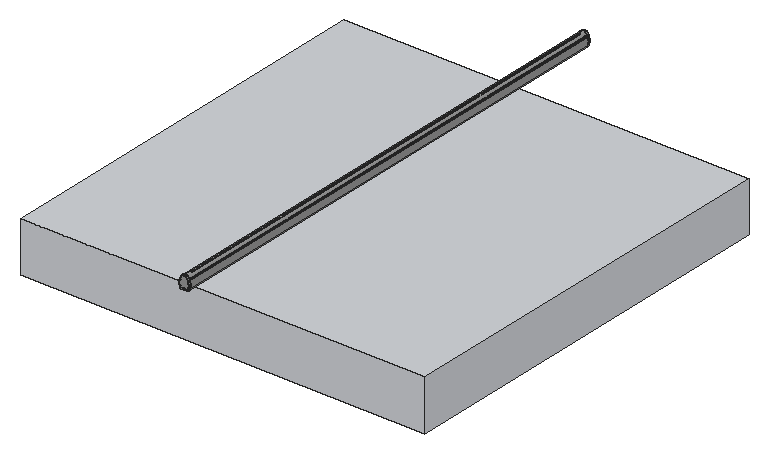
Revit family "L-trade II 130", category Осветительные приборы, Revit 2017
Family settings
  Основа = Грань
  Размер круглого соединителя = Использовать диаметр
  Тип детали = Нормальный
  При загрузке вырезать с полостями = Нет
  Источник света = Да
  Общий = Нет
  Точка расчета площади = Нет
Parameters (values of type "L-trade II 130 5.0K Д")
  Цветовая температура = 5000 K
  Световой поток светильника = Lumens  # 15210 lm
  Расстояние от светильника до поверхности = 250 mm
  Описание = "Универсальный светодиодный светильник нового поколения L-trade II 130  предназначен для освещения торговых залов, промышленных помещений, логистических центров, складов, магазинов, спортивных сооружений и т.д."
  Lamp = ""
  Кривая сил света = "Д"
  Комментарии к типоразмеру = "Торговые"
  Wattage Comments = ""
  Wattage = 102.395 W
  built-in parameter 1150110 = 1 (stored number, unit not read)
  built-in parameter 1114217 = 1 (stored number, unit not read)
  Tilt Angle = 90.00°
  built-in parameter 1150109 = 1 (stored number, unit not read)
  built-in parameter 1150134 = 2
  built-in parameter 1150113 = 1 (stored number, unit not read)
  Файл фотометрической сетки = "L-trade II 130-130-D-5.0-03.ies"
  built-in parameter 1150142 = "IESNA:LM-63-1995\r\n[TEST]LEDEL\r\n[DATA]17.01.2017\r\n[MANUFAC]LEDEL\r\n[LUMCAT]L-trade II 130/130/Д/5.0/03\r\n[LUMINAIRE]Для освещения торговых залов, промышленных помещений, складов, магазинов, спортивных сооружений и т.д.  \r\n[LAMPCAT]LED\r\n[LAMP]OSRAM DURIS \r\nTILT=NONE\r\n\r\n1 15210 3.31685 37 10 1 2 3.031 0.05 0.123\r\n\r\n1 1 130\r\n\r\n 0 2.5 5 7.5 10 12.5 15 17.5 20 22.5 25 27.5 30 32.5 35 37.5 40 42.5 45 47.5\r\n 50 52.5 55 57.5 60 62.5 65 67.5 70 72.5 75 77.5 80 82.5 85 87.5 90\r\n\r\n  0 10 20 30 40 50 60 70 80 90\r\n\r\n  1448 1456 1465 1459 1434 1417 1396 1387 1383 1354 1329 1311 1281 1249 1214\r\n  1167 1135 1093 1050 1004 955 898 842 790 745 685 614 558 497 436\r\n  375 307 242 181 126 65 39\r\n  1449 1455 1464 1457 1433 1415 1396 1387 1385 1360 1334 1315 1285 1254 1221\r\n  1181 1144 1102 1059 1013 961 911 849 798 755 700 626 560 497 434\r\n  371 301 237 176 120 59 39\r\n  1446 1455 1463 1457 1437 1419 1402 1386 1386 1367 1337 1318 1288 1254 1226\r\n  1187 1141 1110 1065 1016 966 920 861 805 762 711 645 578 519 459\r\n  393 327 261 195 142 79 45\r\n  1446 1455 1462 1461 1443 1422 1409 1388 1379 1372 1344 1313 1292 1266 1230\r\n  1195 1156 1111 1073 1024 976 923 870 806 750 704 651 582 514 456\r\n  393 334 265 199 145 84 50\r\n  1446 1454 1462 1461 1447 1427 1411 1395 1371 1361 1347 1320 1287 1263 1235\r\n  1191 1154 1118 1068 1019 972 924 870 813 751 689 638 589 519 450\r\n  390 327 267 206 148 94 52\r\n  1445 1454 1461 1460 1449 1433 1414 1395 1375 1348 1333 1326 1298 1255 1221\r\n  1194 1158 1114 1070 1022 964 917 852 793 731 674 605 546 502 439\r\n  370 313 256 200 141 95 53\r\n  1446 1453 1461 1458 1452 1441 1428 1407 1380 1362 1338 1304 1278 1262 1243\r\n  1196 1146 1105 1065 1015 958 911 855 780 736 671 611 544 480 418\r\n  368 309 249 198 147 99 58\r\n  1447 1454 1458 1455 1449 1445 1432 1419 1396 1372 1343 1310 1281 1254 1215\r\n  1173 1137 1097 1055 1004 943 890 840 772 714 658 590 515 449 386\r\n  323 262 219 167 127 88 52\r\n  1455 1455 1454 1446 1437 1427 1415 1396 1377 1353 1321 1293 1259 1220 1176\r\n  1121 1063 1016 970 915 860 796 738 689 627 546 468 418 339 272\r\n  206 154 106 74 48 28 20\r\n  1453 1452 1452 1449 1443 1436 1425 1412 1396 1376 1352 1327 1293 1265 1234\r\n  1195 1141 1095 1049 999 950 899 826 780 705 632 578 501 435 364\r\n  295 228 169 115 72 40 22\r\n  1455 1452 1447 1432 1418 1398 1384 1368 1355 1329 1289 1253 1215 1176 1132\r\n  1090 1041 993 928 867 814 739 647 556 500 486 437 344 282 217\r\n  153 111 78 55 36 25 22\r\n  1447 1443 1438 1431 1425 1412 1396 1374 1351 1315 1276 1227 1185 1154 1116\r\n  1042 965 916 913 907 845 755 688 630 568 486 419 357 300 242\r\n  190 149 110 70 47 31 29\r\n  1446 1443 1446 1445 1431 1408 1385 1359 1327 1300 1252 1177 1120 1110 1115\r\n  1086 1020 955 910 863 805 738 673 620 554 494 430 368 312 260\r\n  211 161 106 73 47 35 32\r\n  1445 1445 1452 1447 1429 1404 1377 1356 1324 1263 1220 1224 1225 1170 1099\r\n  1054 1021 977 918 854 808 748 695 645 587 527 466 415 356 298\r\n  240 170 126 87 50 37 35\r\n  1446 1448 1455 1447 1428 1403 1377 1340 1278 1267 1296 1269 1209 1168 1128\r\n  1076 1019 958 916 864 809 763 711 653 592 538 481 425 366 301\r\n  228 173 131 83 47 37 35\r\n  1446 1454 1457 1445 1426 1403 1369 1311 1301 1328 1299 1241 1210 1178 1135\r\n  1078 1029 986 933 882 832 775 718 656 604 547 490 430 366 290\r\n  224 175 124 75 44 37 34\r\n  1446 1454 1457 1445 1424 1402 1357 1314 1337 1339 1284 1243 1216 1179 1127\r\n  1076 1035 984 936 896 845 788 726 676 617 559 497 433 362 285\r\n  225 176 120 72 41 37 34\r\n  1449 1459 1456 1440 1421 1391 1343 1326 1355 1329 1277 1253 1225 1186 1130\r\n  1092 1049 999 955 910 858 797 740 689 627 568 508 443 369 293\r\n  235 184 123 72 41 36 34\r\n  1448 1457 1457 1440 1418 1389 1343 1334 1359 1321 1278 1253 1219 1176 1123\r\n  1087 1041 994 951 905 852 790 736 679 621 561 498 432 356 283\r\n  225 172 113 67 40 35 34\r\n\r\n"
  built-in parameter 1150105 = 1210.4 (stored number, unit not read)
  Lumens = 15210 lm
  built-in parameter 1150115 = 1 (stored number, unit not read)
  built-in parameter 1150137 = (empty or 0)
  built-in parameter 1150139 = (empty or 0)
  built-in parameter 1150112 = 1 (stored number, unit not read)
  built-in parameter 1150114 = 1 (stored number, unit not read)
  built-in parameter 1150132 = 2
  Классификация нагрузок = Освещение
  built-in parameter 1150102 = (empty or 0)
  built-in parameter 1150107 = 5000 (stored number, unit not read)
  built-in parameter 1150138 = (empty or 0)
  built-in parameter 1150106 = 12.104 (stored number, unit not read)
  Emit from Rectangle Width = 48 mm
  Emit from Rectangle Length = 3000 mm
  Manufacturer = ""
  Длина профиля = Emit from Rectangle Length  # 3000 mm
  Emit Shape Visible in Rendering = no
  built-in parameter 1150104 = 13.8 (stored number, unit not read)
  Dimming Lamp Color Temperature Shift = (empty or 0)
  Default Elevation = 1219.2 mm
  Color Filter = 16777215
  built-in parameter 1114218 = 1 (stored number, unit not read)
  built-in parameter 1150133 = 10 (stored number, unit not read)
  Apparent Load = 130 VA  # constant formula
  Артикул = "210045"
Reference planes
  plane 1 "Center (Front/Back)": y = 0
  plane 2: z = 0
  plane 3 "Center (Left/Right)": x = 0
Forms (mm)
  Extrusion 1, solid
    sketch origin (0, 0, 0) x (1, 0, 0) y (0, 1, 0)
      loop
        line (-1219.2, 1219.2) -> (-1219.2, -1219.2) -> (1219.2, -1219.2) -> (1219.2, 1219.2) -> (-1219.2, 1219.2)
    from 0 to -304.8
Dimensions and locks
  "Расстояние от светильника до поверхности": imposter light to Extrusion 1
  aligned and locked: plane 2 to Extrusion 1
  aligned and locked: level to Extrusion 1
Automatic sketch dimensions
  Extrusion 1 sketch curve to Extrusion 1 sketch curve = 2438.4 mm  (x2)
Nested families
  nested 1: "L-trade II_body" at (0, 0, 0), type "L-trade II_body"
    with Начало выдавливания 1500 mm, Конец выдавливания -1500 mm, Длина профиля 3000 mm
Connectors
  electrical at (0, 0, 0), driven by "Apparent Load", driven by "Классификация нагрузок"
    settings: on Extrusion 1, index 1, voltage 230 V, apparent load 0 VA, apparent load phase1 130 VA, apparent load phase2 0 VA, apparent load phase3 0 VA, power factor 1, load classification "Освещение", number of poles 1, system type 31, power factor state 1, is connector primary yes, connector utility no, sub classification motor no, connector description ""
Definition of nested family "L-trade II_body"
  Parameters (values of type "L-trade II_body")
    Тип торцевой крышки = Trade II торцевая крышка : Trade II торцевая крышка
    Расстояние от светильника до плоскости = Расстояние от низа светильника до плоскости + 80 mm  # 250 mm
    Расстояние от низа светильника до плоскости = 170 mm
    Default Elevation = 1219.2 mm
    Начало выдавливания = 250 mm
    Конец выдавливания = Начало выдавливания * (-1)  # -250 mm
    Длина профиля = Начало выдавливания * 2  # 500 mm
  Reference planes
    plane 1 "По центру (Вперед/Назад)": y = 0
    plane 2: z = 0
    plane 3 "По центру (Влево/Вправо)": x = 0
    plane 4 "Плоскость расположения светильника": z = 170
  Forms (mm)
    Extrusion 1, solid
      sketch origin (0, 0, 0) x (1, 0, 0) y (0, 1, 0)
        loop
          line (-1219.2, 1219.2) -> (-1219.2, -1219.2) -> (1219.2, -1219.2) -> (1219.2, 1219.2) -> (-1219.2, 1219.2)
      from 0 to -304.8
    Extrusion 2, solid
      sketch origin (0, 0, 170) x (0, -1, 0) y (1, 0, 0)
        loop
          line (-250, 2.572) -> (250, 2.572) -> (250, 4.625) -> (-250, 4.625) -> (-250, 2.572)
        loop
          line (-250, -2.572) -> (-250, -4.625) -> (250, -4.625) -> (250, -2.572) -> (-250, -2.572)
      from 0 to 1
    Extrusion 3, solid
      sketch origin (0, 0, 0) x (1, 0, 0) y (0, 0, 1)
        loop
          line (2.572, 170) -> (21.583, 170)
          arc (21.583, 170) -> (23.284, 170.705) -> (23.988, 172.406) r 2.406
          line (23.988, 172.406) -> (23.988, 219.1) -> (23.054, 219.44)
          arc (23.054, 219.44) -> (20.433, 219.877) -> (22.85, 220.98) r 1.389
          line (22.85, 220.98) -> (23.732, 222.227)
          arc (23.732, 222.227) -> (24.096, 223.532) -> (23.546, 224.771) r 2.006
          arc (23.546, 224.771) -> (23.261, 225.083) -> (23.188, 225.5) r 0.757
          line (23.188, 225.5) -> (22.224, 225.5) -> (22.224, 224.659) -> (22.797, 224.087)
          arc (22.797, 224.087) -> (22.797, 222.684) -> (21.394, 222.684) r 0.992
          arc (21.394, 222.684) -> (21.071, 222.931) -> (20.696, 223.087) r 1.556
          line (20.696, 223.087) -> (18.325, 223.087)
          arc (18.325, 223.087) -> (16.847, 224.004) -> (18.515, 224.5) r 0.954
          line (18.515, 224.5) -> (19.803, 224.5) -> (19.803, 225.5) -> (19.002, 225.5)
          arc (19.002, 225.5) -> (17.792, 225.901) -> (16.582, 225.5) r 2.024
          line (16.582, 225.5) -> (4.453, 225.5) -> (4.453, 224.5) -> (5.483, 224.5) -> (5.483, 223.3) -> (-5.506, 223.3) -> (-5.506, 224.5) -> (-4.477, 224.5) -> (-4.477, 225.5) -> (-16.606, 225.5)
          arc (-16.606, 225.5) -> (-17.815, 225.901) -> (-19.025, 225.5) r 2.024
          line (-19.025, 225.5) -> (-19.826, 225.5) -> (-19.826, 224.5) -> (-18.538, 224.5)
          arc (-18.538, 224.5) -> (-16.87, 224.004) -> (-18.349, 223.087) r 0.954
          line (-18.349, 223.087) -> (-20.719, 223.087)
          arc (-20.719, 223.087) -> (-21.095, 222.931) -> (-21.417, 222.684) r 1.556
          arc (-21.417, 222.684) -> (-22.82, 222.684) -> (-22.82, 224.087) r 0.992
          line (-22.82, 224.087) -> (-22.247, 224.659) -> (-22.247, 225.5) -> (-23.212, 225.5)
          arc (-23.212, 225.5) -> (-23.284, 225.083) -> (-23.569, 224.771) r 0.757
          arc (-23.569, 224.771) -> (-24.119, 223.532) -> (-23.756, 222.227) r 2.006
          line (-23.756, 222.227) -> (-22.873, 220.98)
          arc (-22.873, 220.98) -> (-20.456, 219.877) -> (-23.077, 219.44) r 1.389
          line (-23.077, 219.44) -> (-24.012, 219.1) -> (-24.012, 172.406)
          arc (-24.012, 172.406) -> (-23.307, 170.705) -> (-21.606, 170) r 2.406
          line (-21.606, 170) -> (-2.595, 170) -> (-2.595, 171) -> (-4.649, 171) -> (-4.649, 175.456) -> (4.625, 175.456) -> (4.625, 171) -> (2.572, 171) -> (2.572, 170)
        loop
          line (5.619, 171) -> (21.584, 171)
          arc (21.584, 171) -> (22.577, 171.411) -> (22.988, 172.405) r 1.405
          line (22.988, 172.405) -> (22.988, 217.897)
          arc (22.988, 217.897) -> (19.715, 218.767) -> (20.407, 222.082) r 2.462
          line (20.407, 222.082) -> (18.726, 222.082)
          arc (18.726, 222.082) -> (16.485, 222.332) -> (15.866, 224.5) r 2.024
          line (15.866, 224.5) -> (6.476, 224.5) -> (6.476, 222.279) -> (-6.499, 222.279) -> (-6.499, 224.5) -> (-15.89, 224.5)
          arc (-15.89, 224.5) -> (-16.509, 222.332) -> (-18.749, 222.082) r 2.024
          line (-18.749, 222.082) -> (-20.43, 222.082)
          arc (-20.43, 222.082) -> (-19.738, 218.767) -> (-23.012, 217.897) r 2.462
          line (-23.012, 217.897) -> (-23.012, 172.405)
          arc (-23.012, 172.405) -> (-22.6, 171.411) -> (-21.607, 171) r 1.405
          line (-21.607, 171) -> (-5.642, 171) -> (-5.642, 176.427) -> (5.619, 176.427) -> (5.619, 171)
      from 250 <- "Начало выдавливания" to -250 <- "Конец выдавливания"
    Extrusion 4, solid
      sketch origin (0, 0, 0) x (1, 0, 0) y (0, 0, 1)
        loop
          arc (-0.012, 246.283) -> (14.71, 240.185) -> (20.808, 225.463) r 20.82
          line (20.808, 225.463) -> (20.808, 224.359) -> (18.369, 224.359) -> (18.369, 223.222) -> (22.088, 223.222) -> (22.088, 225.463)
          arc (22.088, 225.463) -> (15.615, 241.09) -> (-0.012, 247.563) r 22.1
          arc (-0.012, 247.563) -> (-15.639, 241.09) -> (-22.112, 225.463) r 22.1
          line (-22.112, 225.463) -> (-22.112, 223.222) -> (-18.393, 223.222) -> (-18.393, 224.359) -> (-20.832, 224.359) -> (-20.832, 225.463)
          arc (-20.832, 225.463) -> (-14.734, 240.185) -> (-0.012, 246.283) r 20.82
      from 250 <- "Начало выдавливания" to -250 <- "Конец выдавливания"
  Dimensions and locks
    "Расстояние от низа светильника до плоскости": plane 4 "Плоскость расположения светильника" to Extrusion 1
    aligned and locked: plane 2 to Extrusion 1
    aligned and locked: level to Extrusion 1
  Automatic sketch dimensions
    Extrusion 1 sketch curve to Extrusion 1 sketch curve = 2438.4 mm  (x2)
    Extrusion 2 sketch curve to plane 3 "По центру (Влево/Вправо)" = 2.572 mm
    Extrusion 2 sketch curve to plane 1 "По центру (Вперед/Назад)" = 250 mm
    plane 1 "По центру (Вперед/Назад)" to Extrusion 2 sketch curve = 250 mm
    plane 3 "По центру (Влево/Вправо)" to Extrusion 2 sketch curve = 2.572 mm
    Extrusion 2 sketch curve to Extrusion 2 sketch curve = 0 mm  (x2)
    Extrusion 2 sketch curve to Extrusion 2 sketch curve = 2.053 mm  (x2)
    Extrusion 3 sketch curve to Extrusion 3 sketch curve = 0 mm  (x22)
    Extrusion 3 sketch curve to plane 4 "Плоскость расположения светильника" = 0 mm  (x2)
    Extrusion 3 sketch curve to plane 3 "По центру (Влево/Вправо)" = 24.012 mm
    Extrusion 3 sketch curve to Extrusion 3 sketch curve = 0.047 mm
    Extrusion 3 sketch curve to Extrusion 3 sketch curve = 0.256 mm
    Extrusion 3 sketch curve to Extrusion 3 sketch curve = 0.753 mm  (x2)
    Extrusion 3 sketch curve to Extrusion 3 sketch curve = 0.935 mm  (x2)
    Extrusion 3 sketch curve to Extrusion 3 sketch curve = 1 mm  (x4)
    Extrusion 3 sketch curve to Extrusion 3 sketch curve = 0.882 mm  (x2)
    Extrusion 3 sketch curve to Extrusion 3 sketch curve = 0.392 mm
    Extrusion 3 sketch curve to Extrusion 3 sketch curve = 0.964 mm  (x2)
    Extrusion 3 sketch curve to Extrusion 3 sketch curve = 0.702 mm  (x2)
    Extrusion 3 sketch curve to Extrusion 3 sketch curve = 1.04 mm  (x2)
    Extrusion 3 sketch curve to Extrusion 3 sketch curve = 1.405 mm
    Extrusion 3 sketch curve to Extrusion 3 sketch curve = 0.001 mm  (x2)
    Extrusion 3 sketch curve to Extrusion 3 sketch curve = 1.399 mm  (x2)
    Extrusion 3 sketch curve to Extrusion 3 sketch curve = 0.289 mm  (x2)
    Extrusion 3 sketch curve to Extrusion 3 sketch curve = 0.114 mm  (x2)
    Extrusion 3 sketch curve to Extrusion 3 sketch curve = 2.421 mm
    Extrusion 3 sketch curve to Extrusion 3 sketch curve = 0.801 mm  (x2)
    Extrusion 3 sketch curve to Extrusion 3 sketch curve = 1.567 mm  (x2)
    Extrusion 3 sketch curve to Extrusion 3 sketch curve = 0.487 mm  (x2)
    Extrusion 3 sketch curve to Extrusion 3 sketch curve = 0.401 mm  (x2)
    Extrusion 3 sketch curve to Extrusion 3 sketch curve = 0.533 mm  (x2)
    Extrusion 3 sketch curve to Extrusion 3 sketch curve = 1.21 mm  (x2)
    Extrusion 3 sketch curve to Extrusion 3 sketch curve = 0.716 mm  (x2)
    Extrusion 3 sketch curve to plane 3 "По центру (Влево/Вправо)" = 6.499 mm
    plane 4 "Плоскость расположения светильника" to Extrusion 3 sketch curve = 1 mm  (x4)
    Extrusion 3 sketch curve to plane 3 "По центру (Влево/Вправо)" = 5.642 mm
    Extrusion 3 sketch curve to Extrusion 3 sketch curve = 0.993 mm  (x4)
    Extrusion 3 sketch curve to Extrusion 3 sketch curve = 1.03 mm  (x2)
    Extrusion 3 sketch curve to Extrusion 3 sketch curve = 2.053 mm  (x2)
    plane 3 "По центру (Влево/Вправо)" to Extrusion 3 sketch curve = 2.572 mm
    plane 3 "По центру (Влево/Вправо)" to Extrusion 3 sketch curve = 4.453 mm
    Extrusion 3 sketch curve to Extrusion 3 sketch curve = 9.39 mm
    Extrusion 3 sketch curve to Extrusion 3 sketch curve = 0.723 mm
    plane 4 "Плоскость расположения светильника" to Extrusion 3 sketch curve = 2.406 mm
    Extrusion 3 sketch curve to Extrusion 3 sketch curve = 15.964 mm
    Extrusion 3 sketch curve to Extrusion 3 sketch curve = 1.517 mm
    Extrusion 3 sketch curve to Extrusion 3 sketch curve = 0.129 mm
    Extrusion 3 sketch curve to Extrusion 3 sketch curve = 0.573 mm  (x3)
    Extrusion 3 sketch curve to Extrusion 3 sketch curve = 4.456 mm
    Extrusion 3 sketch curve to Extrusion 3 sketch curve = 0.971 mm
    Extrusion 3 sketch curve to Extrusion 3 sketch curve = 41.47 mm  (x2)
    Extrusion 3 sketch curve to Extrusion 3 sketch curve = 1.203 mm  (x2)
    Extrusion 3 sketch curve to Extrusion 3 sketch curve = 0.34 mm  (x2)
    Extrusion 3 sketch curve to Extrusion 3 sketch curve = 0.619 mm  (x2)
    Extrusion 3 sketch curve to Extrusion 3 sketch curve = 0.498 mm  (x2)
    Extrusion 3 sketch curve to Extrusion 3 sketch curve = 1.247 mm  (x2)
    Extrusion 3 sketch curve to Extrusion 3 sketch curve = 0.198 mm
    Extrusion 3 sketch curve to Extrusion 3 sketch curve = 1.005 mm  (x2)
    Extrusion 3 sketch curve to Extrusion 3 sketch curve = 1.021 mm
    Extrusion 3 sketch curve to Extrusion 3 sketch curve = 0.299 mm  (x2)
    Extrusion 3 sketch curve to Extrusion 3 sketch curve = 0.791 mm  (x2)
    Extrusion 3 sketch curve to Extrusion 3 sketch curve = 1.33 mm  (x2)
    Extrusion 3 sketch curve to Extrusion 3 sketch curve = 0.841 mm  (x2)
    Extrusion 3 sketch curve to Extrusion 3 sketch curve = 0.698 mm
    Extrusion 4 sketch curve to Extrusion 4 sketch curve = 0 mm  (x13)
    Extrusion 4 sketch curve to plane 3 "По центру (Влево/Вправо)" = 22.112 mm
    Extrusion 4 sketch curve to Extrusion 4 sketch curve = 1.28 mm
    Extrusion 4 sketch curve to Extrusion 4 sketch curve = 2.439 mm  (x2)
    Extrusion 4 sketch curve to plane 3 "По центру (Влево/Вправо)" = 0.012 mm
    plane 4 "Плоскость расположения светильника" to Extrusion 4 sketch curve = 53.222 mm
    Extrusion 4 sketch curve to Extrusion 4 sketch curve = 1.137 mm  (x2)
    Extrusion 4 sketch curve to Extrusion 4 sketch curve = 1.104 mm
  Nested families
    nested 1: "Trade II торцевая крышка" at (0.005, 0, 0), type <- "Тип торцевой крышки", type "Trade II торцевая крышка"
      with Расстояние от светильника до плоскости 250 mm, Расстояние до плоскости 178 mm, Начало профиля 250 mm, Начало выделения 250 mm, Конец профиля 250 mm, Конец выделения 250 mm, Длина профиля 500 mm
    nested 2: "Trade II торцевая крышка" at (0, 0, 0), type <- "Тип торцевой крышки", type "Trade II торцевая крышка"
      with Расстояние от светильника до плоскости 250 mm, Расстояние до плоскости 178 mm, Начало профиля 250 mm, Начало выделения 250 mm, Конец профиля 250 mm, Конец выделения 250 mm, Длина профиля 500 mm
  Definition of nested family "Trade II торцевая крышка"
    Parameters (values of type "Trade II торцевая крышка")
      Расстояние от светильника до плоскости = Расстояние до плоскости + 72 mm  # 322 mm
      Расстояние до плоскости = 250 mm
      Default Elevation = 1219.2 mm
      Начало профиля = 500 mm
      Начало выделения = Начало профиля  # 500 mm
      Конец профиля = Начало профиля  # 500 mm
      Конец выделения = Конец профиля  # 500 mm
      Длина профиля = Начало профиля * 2  # 1000 mm
    Reference planes
      plane 1 "По центру (Вперед/Назад)": y = 0
      plane 2: z = 0
      plane 3 "По центру (Влево/Вправо)": x = 0
      plane 4 "Плоскость низа светильника": z = 250
      plane 5 "Начало выд": y = -500
      plane 6 "Конец выд": y = 500
    Forms (mm)
      Extrusion 1, solid
        sketch origin (0, 0, 0) x (1, 0, 0) y (0, 1, 0)
          loop
            line (-1219.2, 1219.2) -> (-1219.2, -1219.2) -> (1219.2, -1219.2) -> (1219.2, 1219.2) -> (-1219.2, 1219.2)
        from 0 to -304.8
      Extrusion 2, solid
        sketch origin (0, 500, 0) x (0, 0, -1) y (1, 0, 0)
          loop
            arc (-298.752, 21.086) -> (-313.465, 14.795) -> (-319.533, -0.012) r 21.1
            arc (-319.533, -0.012) -> (-313.465, -14.818) -> (-298.752, -21.109) r 21.1
            arc (-298.752, -21.109) -> (-295.801, -23.179) -> (-292.204, -23.41) r 6.666
            arc (-292.204, -23.41) -> (-287.349, -22.848) -> (-283.631, -26.02) r 6.12
            line (-283.631, -26.02) -> (-282.1, -29.159)
            arc (-282.1, -29.159) -> (-281.536, -29.747) -> (-280.75, -29.964) r 1.536
            line (-280.75, -29.964) -> (-272.479, -29.964) -> (-264.208, -29.964)
            arc (-264.208, -29.964) -> (-263.423, -29.748) -> (-262.859, -29.161) r 1.536
            line (-262.859, -29.161) -> (-261.333, -26.017)
            arc (-261.333, -26.017) -> (-257.413, -22.783) -> (-252.402, -23.624) r 6.12
            arc (-252.402, -23.624) -> (-249.184, -24.431) -> (-246.185, -23.012) r 4.919
            arc (-246.185, -23.012) -> (-245.496, -23.055) -> (-244.832, -22.871) r 2.071
            arc (-244.832, -22.871) -> (-244.246, -22.355) -> (-244.028, -21.606) r 1.397
            line (-244.028, -21.606) -> (-244.028, -5.649) -> (-250, -5.649) -> (-250, -0.012) -> (-250, 5.625) -> (-244.028, 5.625) -> (-244.028, 21.583)
            arc (-244.028, 21.583) -> (-244.246, 22.332) -> (-244.832, 22.848) r 1.397
            arc (-244.832, 22.848) -> (-245.496, 23.032) -> (-246.185, 22.988) r 2.071
            arc (-246.185, 22.988) -> (-249.184, 24.408) -> (-252.402, 23.601) r 4.919
            arc (-252.402, 23.601) -> (-257.413, 22.759) -> (-261.333, 25.993) r 6.12
            line (-261.333, 25.993) -> (-262.859, 29.137)
            arc (-262.859, 29.137) -> (-263.423, 29.725) -> (-264.208, 29.94) r 1.536
            line (-264.208, 29.94) -> (-272.479, 29.94) -> (-280.75, 29.94)
            arc (-280.75, 29.94) -> (-281.536, 29.724) -> (-282.1, 29.136) r 1.536
            line (-282.1, 29.136) -> (-283.631, 25.997)
            arc (-283.631, 25.997) -> (-287.349, 22.825) -> (-292.204, 23.386) r 6.12
            arc (-292.204, 23.386) -> (-295.801, 23.156) -> (-298.752, 21.086) r 6.666
        from 0 to -1
      Extrusion 3, solid
        sketch origin (0, -500, 0) x (0, 0, -1) y (1, 0, 0)
          loop
            line (-244.028, 5.632) -> (-244.028, 21.59)
            arc (-244.028, 21.59) -> (-244.246, 22.339) -> (-244.832, 22.854) r 1.397
            arc (-244.832, 22.854) -> (-245.496, 23.039) -> (-246.185, 22.995) r 2.071
            arc (-246.185, 22.995) -> (-249.184, 24.415) -> (-252.402, 23.607) r 4.919
            arc (-252.402, 23.607) -> (-257.413, 22.766) -> (-261.333, 26) r 6.12
            line (-261.333, 26) -> (-262.859, 29.144)
            arc (-262.859, 29.144) -> (-263.423, 29.731) -> (-264.208, 29.947) r 1.536
            line (-264.208, 29.947) -> (-272.479, 29.947) -> (-280.75, 29.947)
            arc (-280.75, 29.947) -> (-281.536, 29.731) -> (-282.1, 29.143) r 1.536
            line (-282.1, 29.143) -> (-283.631, 26.003)
            arc (-283.631, 26.003) -> (-287.349, 22.832) -> (-292.204, 23.393) r 6.12
            arc (-292.204, 23.393) -> (-295.801, 23.163) -> (-298.752, 21.093) r 6.666
            arc (-298.752, 21.093) -> (-313.465, 14.802) -> (-319.533, -0.005) r 21.1
            arc (-319.533, -0.005) -> (-313.465, -14.811) -> (-298.752, -21.102) r 21.1
            arc (-298.752, -21.102) -> (-295.801, -23.172) -> (-292.204, -23.403) r 6.666
            arc (-292.204, -23.403) -> (-287.349, -22.841) -> (-283.631, -26.013) r 6.12
            line (-283.631, -26.013) -> (-282.1, -29.153)
            arc (-282.1, -29.153) -> (-281.536, -29.741) -> (-280.75, -29.957) r 1.536
            line (-280.75, -29.957) -> (-272.479, -29.957) -> (-264.208, -29.957)
            arc (-264.208, -29.957) -> (-263.423, -29.741) -> (-262.859, -29.154) r 1.536
            line (-262.859, -29.154) -> (-261.333, -26.01)
            arc (-261.333, -26.01) -> (-257.413, -22.776) -> (-252.402, -23.617) r 6.12
            arc (-252.402, -23.617) -> (-249.184, -24.424) -> (-246.185, -23.005) r 4.919
            arc (-246.185, -23.005) -> (-245.496, -23.049) -> (-244.832, -22.864) r 2.071
            arc (-244.832, -22.864) -> (-244.246, -22.348) -> (-244.028, -21.599) r 1.397
            line (-244.028, -21.599) -> (-244.028, -5.642) -> (-248, -5.642) -> (-250, -5.649) -> (-250, 5.625) -> (-248, 5.625) -> (-244.028, 5.632)
        from 0 to 1
      Extrusion 4, solid
        sketch origin (0, -500, 0) x (0, 0, -1) y (1, 0, 0)
          loop
            arc (-319.533, -0.005) -> (-313.465, -14.811) -> (-298.752, -21.102) r 21.1
            arc (-298.752, -21.102) -> (-295.801, -23.172) -> (-292.204, -23.403) r 6.666
            arc (-292.204, -23.403) -> (-287.349, -22.841) -> (-283.631, -26.013) r 6.12
            line (-283.631, -26.013) -> (-282.1, -29.153)
            arc (-282.1, -29.153) -> (-281.536, -29.741) -> (-280.75, -29.957) r 1.536
            line (-280.75, -29.957) -> (-272.479, -29.957) -> (-264.208, -29.957)
            arc (-264.208, -29.957) -> (-263.423, -29.741) -> (-262.859, -29.154) r 1.536
            line (-262.859, -29.154) -> (-261.333, -26.01)
            arc (-261.333, -26.01) -> (-257.413, -22.776) -> (-252.402, -23.617) r 6.12
            arc (-252.402, -23.617) -> (-249.184, -24.424) -> (-246.185, -23.005) r 4.919
            arc (-246.185, -23.005) -> (-245.496, -23.049) -> (-244.832, -22.864) r 2.071
            arc (-244.832, -22.864) -> (-244.246, -22.348) -> (-244.028, -21.599) r 1.397
            line (-244.028, -21.599) -> (-244.028, -5.642) -> (-248, -5.642) -> (-250, -5.649) -> (-250, -0.012) -> (-250, 5.639) -> (-248, 5.639) -> (-244.028, 5.632) -> (-244.028, 21.59)
            arc (-244.028, 21.59) -> (-244.246, 22.339) -> (-244.832, 22.854) r 1.397
            arc (-244.832, 22.854) -> (-245.496, 23.039) -> (-246.185, 22.995) r 2.071
            arc (-246.185, 22.995) -> (-249.184, 24.415) -> (-252.402, 23.607) r 4.919
            arc (-252.402, 23.607) -> (-257.413, 22.766) -> (-261.333, 26) r 6.12
            line (-261.333, 26) -> (-262.859, 29.144)
            arc (-262.859, 29.144) -> (-263.423, 29.731) -> (-264.208, 29.947) r 1.536
            line (-264.208, 29.947) -> (-272.479, 29.947) -> (-280.75, 29.947)
            arc (-280.75, 29.947) -> (-281.536, 29.731) -> (-282.1, 29.143) r 1.536
            line (-282.1, 29.143) -> (-283.631, 26.003)
            arc (-283.631, 26.003) -> (-287.349, 22.832) -> (-292.204, 23.393) r 6.12
            arc (-292.204, 23.393) -> (-295.801, 23.163) -> (-298.752, 21.093) r 6.666
            arc (-298.752, 21.093) -> (-313.465, 14.802) -> (-319.533, -0.005) r 21.1
          loop
            arc (-321.533, -0.005) -> (-315.194, -15.9) -> (-299.657, -23.072) r 23.1
            arc (-299.657, -23.072) -> (-295.831, -25.254) -> (-291.427, -25.274) r 8.666
            arc (-291.427, -25.274) -> (-288.06, -24.718) -> (-285.429, -26.89) r 4.12
            line (-285.429, -26.89) -> (-283.883, -30.06)
            arc (-283.883, -30.06) -> (-282.581, -31.446) -> (-280.75, -31.957) r 3.536
            line (-280.75, -31.957) -> (-272.479, -31.957) -> (-264.208, -31.957)
            arc (-264.208, -31.957) -> (-262.377, -31.446) -> (-261.075, -30.06) r 3.536
            line (-261.075, -30.06) -> (-259.534, -26.884)
            arc (-259.534, -26.884) -> (-256.893, -24.707) -> (-253.519, -25.276) r 4.12
            arc (-253.519, -25.276) -> (-249.474, -26.446) -> (-245.501, -25.054) r 6.919
            arc (-245.501, -25.054) -> (-244.724, -24.938) -> (-243.983, -24.675) r 4.071
            arc (-243.983, -24.675) -> (-242.558, -23.421) -> (-242.028, -21.599) r 3.397
            line (-242.028, -21.599) -> (-242.028, -3.642) -> (-248, -3.642) -> (-248, -0.012) -> (-248, 3.632) -> (-242.028, 3.632) -> (-242.028, 21.59)
            arc (-242.028, 21.59) -> (-242.558, 23.412) -> (-243.983, 24.665) r 3.397
            arc (-243.983, 24.665) -> (-244.724, 24.929) -> (-245.501, 25.045) r 4.071
            arc (-245.501, 25.045) -> (-249.474, 26.436) -> (-253.519, 25.267) r 6.919
            arc (-253.519, 25.267) -> (-256.893, 24.698) -> (-259.534, 26.875) r 4.12
            line (-259.534, 26.875) -> (-261.075, 30.05)
            arc (-261.075, 30.05) -> (-262.377, 31.436) -> (-264.208, 31.947) r 3.536
            line (-264.208, 31.947) -> (-272.479, 31.947) -> (-280.75, 31.947)
            arc (-280.75, 31.947) -> (-282.581, 31.436) -> (-283.883, 30.05) r 3.536
            line (-283.883, 30.05) -> (-285.429, 26.88)
            arc (-285.429, 26.88) -> (-288.06, 24.708) -> (-291.427, 25.265) r 4.12
            arc (-291.427, 25.265) -> (-295.831, 25.245) -> (-299.657, 23.063) r 8.666
            arc (-299.657, 23.063) -> (-315.194, 15.891) -> (-321.533, -0.005) r 23.1
        from 0 to 9
      Extrusion 5, solid
        sketch origin (0, 500, 0) x (0, 0, -1) y (1, 0, 0)
          loop
            arc (-319.526, -0.004) -> (-313.459, -14.811) -> (-298.746, -21.101) r 21.1
            arc (-298.746, -21.101) -> (-295.795, -23.171) -> (-292.197, -23.402) r 6.666
            arc (-292.197, -23.402) -> (-287.343, -22.84) -> (-283.625, -26.012) r 6.12
            line (-283.625, -26.012) -> (-282.093, -29.152)
            arc (-282.093, -29.152) -> (-281.529, -29.74) -> (-280.743, -29.956) r 1.536
            line (-280.743, -29.956) -> (-272.472, -29.956) -> (-264.202, -29.956)
            arc (-264.202, -29.956) -> (-263.416, -29.74) -> (-262.852, -29.153) r 1.536
            line (-262.852, -29.153) -> (-261.326, -26.009)
            arc (-261.326, -26.009) -> (-257.406, -22.775) -> (-252.395, -23.616) r 6.12
            arc (-252.395, -23.616) -> (-249.177, -24.424) -> (-246.178, -23.004) r 4.919
            arc (-246.178, -23.004) -> (-245.49, -23.048) -> (-244.825, -22.863) r 2.071
            arc (-244.825, -22.863) -> (-244.239, -22.348) -> (-244.021, -21.598) r 1.397
            line (-244.021, -21.598) -> (-244.021, -5.641) -> (-247.993, -5.641) -> (-249.993, -5.648) -> (-249.993, -0.011) -> (-249.993, 5.64) -> (-247.993, 5.64) -> (-244.021, 5.633) -> (-244.021, 21.59)
            arc (-244.021, 21.59) -> (-244.239, 22.34) -> (-244.825, 22.855) r 1.397
            arc (-244.825, 22.855) -> (-245.49, 23.04) -> (-246.178, 22.996) r 2.071
            arc (-246.178, 22.996) -> (-249.177, 24.416) -> (-252.395, 23.608) r 4.919
            arc (-252.395, 23.608) -> (-257.406, 22.767) -> (-261.326, 26.001) r 6.12
            line (-261.326, 26.001) -> (-262.852, 29.145)
            arc (-262.852, 29.145) -> (-263.416, 29.732) -> (-264.202, 29.948) r 1.536
            line (-264.202, 29.948) -> (-272.472, 29.948) -> (-280.743, 29.948)
            arc (-280.743, 29.948) -> (-281.529, 29.732) -> (-282.093, 29.144) r 1.536
            line (-282.093, 29.144) -> (-283.625, 26.004)
            arc (-283.625, 26.004) -> (-287.343, 22.833) -> (-292.197, 23.394) r 6.12
            arc (-292.197, 23.394) -> (-295.795, 23.163) -> (-298.746, 21.094) r 6.666
            arc (-298.746, 21.094) -> (-313.459, 14.803) -> (-319.526, -0.004) r 21.1
          loop
            arc (-321.526, -0.004) -> (-315.188, -15.899) -> (-299.65, -23.071) r 23.1
            arc (-299.65, -23.071) -> (-295.824, -25.254) -> (-291.42, -25.273) r 8.666
            arc (-291.42, -25.273) -> (-288.054, -24.717) -> (-285.422, -26.889) r 4.12
            line (-285.422, -26.889) -> (-283.876, -30.059)
            arc (-283.876, -30.059) -> (-282.575, -31.445) -> (-280.743, -31.956) r 3.536
            line (-280.743, -31.956) -> (-272.472, -31.956) -> (-264.202, -31.956)
            arc (-264.202, -31.956) -> (-262.37, -31.445) -> (-261.068, -30.059) r 3.536
            line (-261.068, -30.059) -> (-259.527, -26.883)
            arc (-259.527, -26.883) -> (-256.887, -24.706) -> (-253.512, -25.275) r 4.12
            arc (-253.512, -25.275) -> (-249.468, -26.445) -> (-245.494, -25.053) r 6.919
            arc (-245.494, -25.053) -> (-244.717, -24.937) -> (-243.976, -24.674) r 4.071
            arc (-243.976, -24.674) -> (-242.551, -23.421) -> (-242.021, -21.598) r 3.397
            line (-242.021, -21.598) -> (-242.021, -3.641) -> (-247.993, -3.641) -> (-247.993, -0.011) -> (-247.993, 3.633) -> (-242.021, 3.633) -> (-242.021, 21.59)
            arc (-242.021, 21.59) -> (-242.551, 23.413) -> (-243.976, 24.666) r 3.397
            arc (-243.976, 24.666) -> (-244.717, 24.93) -> (-245.494, 25.046) r 4.071
            arc (-245.494, 25.046) -> (-249.468, 26.437) -> (-253.512, 25.267) r 6.919
            arc (-253.512, 25.267) -> (-256.887, 24.698) -> (-259.527, 26.875) r 4.12
            line (-259.527, 26.875) -> (-261.068, 30.051)
            arc (-261.068, 30.051) -> (-262.37, 31.437) -> (-264.202, 31.948) r 3.536
            line (-264.202, 31.948) -> (-272.472, 31.948) -> (-280.743, 31.948)
            arc (-280.743, 31.948) -> (-282.575, 31.437) -> (-283.876, 30.051) r 3.536
            line (-283.876, 30.051) -> (-285.422, 26.881)
            arc (-285.422, 26.881) -> (-288.054, 24.709) -> (-291.42, 25.265) r 4.12
            arc (-291.42, 25.265) -> (-295.824, 25.246) -> (-299.65, 23.064) r 8.666
            arc (-299.65, 23.064) -> (-315.188, 15.892) -> (-321.526, -0.004) r 23.1
        from 0 to -9
      Extrusion 6, solid
        sketch origin (0, -500, 0) x (0, 0, -1) y (1, 0, 0)
          loop
            line (-244.028, 5.632) -> (-244.028, 21.59)
            arc (-244.028, 21.59) -> (-244.246, 22.339) -> (-244.832, 22.854) r 1.397
            arc (-244.832, 22.854) -> (-245.496, 23.039) -> (-246.185, 22.995) r 2.071
            arc (-246.185, 22.995) -> (-249.184, 24.415) -> (-252.402, 23.607) r 4.919
            arc (-252.402, 23.607) -> (-257.413, 22.766) -> (-261.333, 26) r 6.12
            line (-261.333, 26) -> (-262.859, 29.144)
            arc (-262.859, 29.144) -> (-263.423, 29.731) -> (-264.208, 29.947) r 1.536
            line (-264.208, 29.947) -> (-272.479, 29.947) -> (-280.75, 29.947)
            arc (-280.75, 29.947) -> (-281.536, 29.731) -> (-282.1, 29.143) r 1.536
            line (-282.1, 29.143) -> (-283.631, 26.003)
            arc (-283.631, 26.003) -> (-287.349, 22.832) -> (-292.204, 23.393) r 6.12
            arc (-292.204, 23.393) -> (-295.801, 23.163) -> (-298.752, 21.093) r 6.666
            arc (-298.752, 21.093) -> (-313.465, 14.802) -> (-319.533, -0.005) r 21.1
            arc (-319.533, -0.005) -> (-313.465, -14.811) -> (-298.752, -21.102) r 21.1
            arc (-298.752, -21.102) -> (-295.801, -23.172) -> (-292.204, -23.403) r 6.666
            arc (-292.204, -23.403) -> (-287.349, -22.841) -> (-283.631, -26.013) r 6.12
            line (-283.631, -26.013) -> (-282.1, -29.153)
            arc (-282.1, -29.153) -> (-281.536, -29.741) -> (-280.75, -29.957) r 1.536
            line (-280.75, -29.957) -> (-272.479, -29.957) -> (-264.208, -29.957)
            arc (-264.208, -29.957) -> (-263.423, -29.741) -> (-262.859, -29.154) r 1.536
            line (-262.859, -29.154) -> (-261.333, -26.01)
            arc (-261.333, -26.01) -> (-257.413, -22.776) -> (-252.402, -23.617) r 6.12
            arc (-252.402, -23.617) -> (-249.184, -24.424) -> (-246.185, -23.005) r 4.919
            arc (-246.185, -23.005) -> (-245.496, -23.049) -> (-244.832, -22.864) r 2.071
            arc (-244.832, -22.864) -> (-244.246, -22.348) -> (-244.028, -21.599) r 1.397
            line (-244.028, -21.599) -> (-244.028, -5.642) -> (-248, -5.642) -> (-250, -5.649) -> (-250, 5.625) -> (-248, 5.625) -> (-244.028, 5.632)
        from 8 to 9
      Extrusion 7, solid
        sketch origin (0, 500, 0) x (0, 0, -1) y (1, 0, 0)
          loop
            line (-244.028, 5.632) -> (-244.028, 21.59)
            arc (-244.028, 21.59) -> (-244.246, 22.339) -> (-244.832, 22.854) r 1.397
            arc (-244.832, 22.854) -> (-245.496, 23.039) -> (-246.185, 22.995) r 2.071
            arc (-246.185, 22.995) -> (-249.184, 24.415) -> (-252.402, 23.607) r 4.919
            arc (-252.402, 23.607) -> (-257.413, 22.766) -> (-261.333, 26) r 6.12
            line (-261.333, 26) -> (-262.859, 29.144)
            arc (-262.859, 29.144) -> (-263.423, 29.731) -> (-264.208, 29.947) r 1.536
            line (-264.208, 29.947) -> (-272.479, 29.947) -> (-280.75, 29.947)
            arc (-280.75, 29.947) -> (-281.536, 29.731) -> (-282.1, 29.143) r 1.536
            line (-282.1, 29.143) -> (-283.631, 26.003)
            arc (-283.631, 26.003) -> (-287.349, 22.832) -> (-292.204, 23.393) r 6.12
            arc (-292.204, 23.393) -> (-295.801, 23.163) -> (-298.752, 21.093) r 6.666
            arc (-298.752, 21.093) -> (-313.465, 14.802) -> (-319.533, -0.005) r 21.1
            arc (-319.533, -0.005) -> (-313.465, -14.811) -> (-298.752, -21.102) r 21.1
            arc (-298.752, -21.102) -> (-295.801, -23.172) -> (-292.204, -23.403) r 6.666
            arc (-292.204, -23.403) -> (-287.349, -22.841) -> (-283.631, -26.013) r 6.12
            line (-283.631, -26.013) -> (-282.1, -29.153)
            arc (-282.1, -29.153) -> (-281.536, -29.741) -> (-280.75, -29.957) r 1.536
            line (-280.75, -29.957) -> (-272.479, -29.957) -> (-264.208, -29.957)
            arc (-264.208, -29.957) -> (-263.423, -29.741) -> (-262.859, -29.154) r 1.536
            line (-262.859, -29.154) -> (-261.333, -26.01)
            arc (-261.333, -26.01) -> (-257.413, -22.776) -> (-252.402, -23.617) r 6.12
            arc (-252.402, -23.617) -> (-249.184, -24.424) -> (-246.185, -23.005) r 4.919
            arc (-246.185, -23.005) -> (-245.496, -23.049) -> (-244.832, -22.864) r 2.071
            arc (-244.832, -22.864) -> (-244.246, -22.348) -> (-244.028, -21.599) r 1.397
            line (-244.028, -21.599) -> (-244.028, -5.642) -> (-248, -5.642) -> (-250, -5.649) -> (-250, 5.625) -> (-248, 5.625) -> (-244.028, 5.632)
        from -8 to -9
    Dimensions and locks
      "Расстояние до плоскости": plane 4 "Плоскость низа светильника" to Extrusion 1
      "Начало выделения": plane 5 "Начало выд" to plane 1 "По центру (Вперед/Назад)"
      "Конец выделения": plane 1 "По центру (Вперед/Назад)" to plane 6 "Конец выд"
      aligned and locked: plane 2 to Extrusion 1
      aligned and locked: level to Extrusion 1
    Automatic sketch dimensions
      Extrusion 1 sketch curve to Extrusion 1 sketch curve = 2438.4 mm  (x2)
      Extrusion 2 sketch curve to Extrusion 2 sketch curve = 0 mm  (x2)
      Extrusion 2 sketch curve to plane 4 "Плоскость низа светильника" = 0 mm
      plane 4 "Плоскость низа светильника" to Extrusion 2 sketch curve = 5.829 mm  (x2)
      Extrusion 2 sketch curve to Extrusion 2 sketch curve = 5.503 mm  (x2)
      Extrusion 2 sketch curve to Extrusion 2 sketch curve = 1.526 mm  (x2)
      Extrusion 2 sketch curve to Extrusion 2 sketch curve = 1.35 mm  (x4)
      Extrusion 2 sketch curve to Extrusion 2 sketch curve = 8.271 mm  (x4)
      Extrusion 2 sketch curve to Extrusion 2 sketch curve = 1.531 mm  (x2)
      Extrusion 2 sketch curve to Extrusion 2 sketch curve = 5.501 mm  (x2)
      Extrusion 2 sketch curve to Extrusion 2 sketch curve = 4.46 mm  (x2)
      Extrusion 2 sketch curve to plane 3 "По центру (Влево/Вправо)" = 0.012 mm  (x2)
      Extrusion 2 sketch curve to Extrusion 2 sketch curve = 4.841 mm
      Extrusion 2 sketch curve to plane 4 "Плоскость низа светильника" = 0.334 mm  (x2)
      Extrusion 2 sketch curve to Extrusion 2 sketch curve = 3.955 mm  (x2)
      Extrusion 2 sketch curve to Extrusion 2 sketch curve = 0.286 mm  (x2)
      Extrusion 2 sketch curve to Extrusion 2 sketch curve = 1.397 mm
      Extrusion 2 sketch curve to plane 4 "Плоскость низа светильника" = 5.972 mm
      Extrusion 2 sketch curve to plane 3 "По центру (Влево/Вправо)" = 5.649 mm
      Extrusion 2 sketch curve to plane 3 "По центру (Влево/Вправо)" = 16.89 mm
      Extrusion 2 sketch curve to Extrusion 2 sketch curve = 13.888 mm  (x2)
      Extrusion 2 sketch curve to Extrusion 2 sketch curve = 1.459 mm  (x2)
      Extrusion 2 sketch curve to Extrusion 2 sketch curve = 0.611 mm  (x2)
      Extrusion 2 sketch curve to Extrusion 2 sketch curve = 6.48 mm  (x2)
      Extrusion 2 sketch curve to Extrusion 2 sketch curve = 9.13 mm  (x2)
      Extrusion 2 sketch curve to Extrusion 2 sketch curve = 2.408 mm  (x2)
      Extrusion 2 sketch curve to Extrusion 2 sketch curve = 2.412 mm  (x2)
      Extrusion 2 sketch curve to Extrusion 2 sketch curve = 2.678 mm  (x2)
      Extrusion 2 sketch curve to Extrusion 2 sketch curve = 2.683 mm  (x2)
      Extrusion 2 sketch curve to Extrusion 2 sketch curve = 0.731 mm  (x2)
      plane 3 "По центру (Влево/Вправо)" to Extrusion 2 sketch curve = 5.625 mm
      plane 3 "По центру (Влево/Вправо)" to Extrusion 2 sketch curve = 16.867 mm
      plane 4 "Плоскость низа светильника" to Extrusion 2 sketch curve = 2.402 mm  (x2)
      Extrusion 2 sketch curve to Extrusion 2 sketch curve = 3.072 mm  (x2)
      Extrusion 2 sketch curve to Extrusion 2 sketch curve = 5.16 mm
      Extrusion 2 sketch curve to Extrusion 2 sketch curve = 1.353 mm  (x2)
      Extrusion 3 sketch curve to Extrusion 3 sketch curve = 0 mm  (x4)
      Extrusion 3 sketch curve to plane 4 "Плоскость низа светильника" = 0 mm
      plane 4 "Плоскость низа светильника" to Extrusion 3 sketch curve = 5.829 mm  (x2)
      Extrusion 3 sketch curve to Extrusion 3 sketch curve = 5.503 mm  (x2)
      Extrusion 3 sketch curve to Extrusion 3 sketch curve = 1.526 mm  (x2)
      Extrusion 3 sketch curve to Extrusion 3 sketch curve = 1.35 mm  (x4)
      Extrusion 3 sketch curve to Extrusion 3 sketch curve = 8.271 mm  (x4)
      Extrusion 3 sketch curve to Extrusion 3 sketch curve = 1.531 mm  (x2)
      Extrusion 3 sketch curve to Extrusion 3 sketch curve = 5.501 mm  (x2)
      Extrusion 3 sketch curve to Extrusion 3 sketch curve = 4.46 mm  (x2)
      Extrusion 3 sketch curve to plane 3 "По центру (Влево/Вправо)" = 0.005 mm
      Extrusion 3 sketch curve to Extrusion 3 sketch curve = 4.841 mm
      Extrusion 3 sketch curve to plane 4 "Плоскость низа светильника" = 0.334 mm  (x2)
      Extrusion 3 sketch curve to Extrusion 3 sketch curve = 3.955 mm  (x2)
      Extrusion 3 sketch curve to Extrusion 3 sketch curve = 0.286 mm  (x2)
      Extrusion 3 sketch curve to plane 4 "Плоскость низа светильника" = 5.972 mm  (x2)
      Extrusion 3 sketch curve to plane 3 "По центру (Влево/Вправо)" = 5.642 mm
      Extrusion 3 sketch curve to Extrusion 3 sketch curve = 0.007 mm  (x2)
      Extrusion 3 sketch curve to plane 3 "По центру (Влево/Вправо)" = 16.883 mm
      Extrusion 3 sketch curve to Extrusion 3 sketch curve = 13.881 mm
      Extrusion 3 sketch curve to Extrusion 3 sketch curve = 1.459 mm  (x2)
      Extrusion 3 sketch curve to Extrusion 3 sketch curve = 0.611 mm  (x2)
      Extrusion 3 sketch curve to Extrusion 3 sketch curve = 6.48 mm  (x2)
      Extrusion 3 sketch curve to Extrusion 3 sketch curve = 9.13 mm  (x2)
      Extrusion 3 sketch curve to Extrusion 3 sketch curve = 2.408 mm  (x2)
      Extrusion 3 sketch curve to Extrusion 3 sketch curve = 2.412 mm  (x2)
      Extrusion 3 sketch curve to Extrusion 3 sketch curve = 2.678 mm  (x2)
      Extrusion 3 sketch curve to Extrusion 3 sketch curve = 2.683 mm  (x2)
      Extrusion 3 sketch curve to Extrusion 3 sketch curve = 0.731 mm  (x2)
      plane 3 "По центру (Влево/Вправо)" to Extrusion 3 sketch curve = 5.625 mm
      plane 3 "По центру (Влево/Вправо)" to Extrusion 3 sketch curve = 16.874 mm
      Extrusion 3 sketch curve to Extrusion 3 sketch curve = 13.895 mm
      plane 4 "Плоскость низа светильника" to Extrusion 3 sketch curve = 2.402 mm  (x2)
      Extrusion 3 sketch curve to Extrusion 3 sketch curve = 3.072 mm  (x2)
      Extrusion 3 sketch curve to Extrusion 3 sketch curve = 5.16 mm
      Extrusion 3 sketch curve to plane 4 "Плоскость низа светильника" = 2 mm  (x2)
      Extrusion 3 sketch curve to Extrusion 3 sketch curve = 1.353 mm  (x2)
      Extrusion 4 sketch curve to Extrusion 4 sketch curve = 0 mm  (x48)
      Extrusion 4 sketch curve to plane 4 "Плоскость низа светильника" = 0 mm
      plane 4 "Плоскость низа светильника" to Extrusion 4 sketch curve = 5.829 mm  (x2)
      Extrusion 4 sketch curve to Extrusion 4 sketch curve = 3.705 mm  (x2)
      Extrusion 4 sketch curve to Extrusion 4 sketch curve = 1.541 mm  (x2)
      Extrusion 4 sketch curve to Extrusion 4 sketch curve = 1.799 mm  (x2)
      Extrusion 4 sketch curve to Extrusion 4 sketch curve = 1.783 mm  (x4)
      Extrusion 4 sketch curve to Extrusion 4 sketch curve = 1.35 mm  (x4)
      Extrusion 4 sketch curve to Extrusion 4 sketch curve = 8.271 mm  (x4)
      Extrusion 4 sketch curve to Extrusion 4 sketch curve = 1.531 mm  (x2)
      Extrusion 4 sketch curve to Extrusion 4 sketch curve = 1.798 mm  (x2)
      Extrusion 4 sketch curve to Extrusion 4 sketch curve = 3.703 mm  (x2)
      Extrusion 4 sketch curve to Extrusion 4 sketch curve = 4.46 mm  (x2)
      Extrusion 4 sketch curve to plane 3 "По центру (Влево/Вправо)" = 0.005 mm
      Extrusion 4 sketch curve to Extrusion 4 sketch curve = 4.841 mm
      Extrusion 4 sketch curve to plane 4 "Плоскость низа светильника" = 0.334 mm  (x2)
      Extrusion 4 sketch curve to plane 4 "Плоскость низа светильника" = 2 mm  (x2)
      Extrusion 4 sketch curve to Extrusion 4 sketch curve = 3.955 mm  (x2)
      Extrusion 4 sketch curve to Extrusion 4 sketch curve = 0.286 mm  (x2)
      Extrusion 4 sketch curve to Extrusion 4 sketch curve = 3.972 mm
      Extrusion 4 sketch curve to Extrusion 4 sketch curve = 1.397 mm
      Extrusion 4 sketch curve to Extrusion 4 sketch curve = 2 mm  (x5)
      Extrusion 4 sketch curve to plane 3 "По центру (Влево/Вправо)" = 0.012 mm  (x2)
      Extrusion 4 sketch curve to Extrusion 4 sketch curve = 3.63 mm
      Extrusion 4 sketch curve to Extrusion 4 sketch curve = 0.007 mm  (x2)
      Extrusion 4 sketch curve to plane 3 "По центру (Влево/Вправо)" = 16.883 mm
      Extrusion 4 sketch curve to Extrusion 4 sketch curve = 13.881 mm  (x2)
      Extrusion 4 sketch curve to Extrusion 4 sketch curve = 1.459 mm  (x2)
      Extrusion 4 sketch curve to Extrusion 4 sketch curve = 0.611 mm  (x2)
      Extrusion 4 sketch curve to Extrusion 4 sketch curve = 6.48 mm  (x2)
      Extrusion 4 sketch curve to Extrusion 4 sketch curve = 9.13 mm  (x2)
      Extrusion 4 sketch curve to Extrusion 4 sketch curve = 0.874 mm  (x2)
      Extrusion 4 sketch curve to Extrusion 4 sketch curve = 0.877 mm  (x2)
      Extrusion 4 sketch curve to Extrusion 4 sketch curve = 2.412 mm  (x2)
      Extrusion 4 sketch curve to Extrusion 4 sketch curve = 2.408 mm  (x2)
      Extrusion 4 sketch curve to Extrusion 4 sketch curve = 1.804 mm  (x2)
      Extrusion 4 sketch curve to Extrusion 4 sketch curve = 1.806 mm  (x2)
      Extrusion 4 sketch curve to Extrusion 4 sketch curve = 0.731 mm  (x2)
      Extrusion 4 sketch curve to Extrusion 4 sketch curve = 0.907 mm
      plane 3 "По центру (Влево/Вправо)" to Extrusion 4 sketch curve = 3.632 mm
      plane 3 "По центру (Влево/Вправо)" to Extrusion 4 sketch curve = 16.874 mm
      Extrusion 4 sketch curve to Extrusion 4 sketch curve = 0.906 mm
      plane 4 "Плоскость низа светильника" to Extrusion 4 sketch curve = 2.402 mm  (x2)
      Extrusion 4 sketch curve to Extrusion 4 sketch curve = 1.117 mm  (x2)
      Extrusion 4 sketch curve to Extrusion 4 sketch curve = 2.295 mm  (x2)
      Extrusion 4 sketch curve to Extrusion 4 sketch curve = 0.778 mm  (x2)
      Extrusion 4 sketch curve to Extrusion 4 sketch curve = 5.16 mm
      Extrusion 4 sketch curve to Extrusion 4 sketch curve = 0.905 mm
      Extrusion 4 sketch curve to Extrusion 4 sketch curve = 1.353 mm  (x2)
      Extrusion 4 sketch curve to Extrusion 4 sketch curve = 1.518 mm  (x2)
      Extrusion 5 sketch curve to Extrusion 5 sketch curve = 0 mm  (x49)
      Extrusion 5 sketch curve to plane 3 "По центру (Влево/Вправо)" = 0.004 mm
      plane 4 "Плоскость низа светильника" to Extrusion 5 sketch curve = 48.426 mm
      Extrusion 5 sketch curve to Extrusion 5 sketch curve = 4.841 mm  (x2)
      Extrusion 5 sketch curve to Extrusion 5 sketch curve = 4.46 mm  (x2)
      Extrusion 5 sketch curve to Extrusion 5 sketch curve = 3.703 mm  (x2)
      Extrusion 5 sketch curve to plane 3 "По центру (Влево/Вправо)" = 26.889 mm
      Extrusion 5 sketch curve to Extrusion 5 sketch curve = 1.546 mm  (x2)
      Extrusion 5 sketch curve to Extrusion 5 sketch curve = 1.798 mm  (x2)
      Extrusion 5 sketch curve to Extrusion 5 sketch curve = 1.783 mm  (x4)
      Extrusion 5 sketch curve to Extrusion 5 sketch curve = 1.35 mm  (x4)
      Extrusion 5 sketch curve to Extrusion 5 sketch curve = 8.271 mm  (x4)
      Extrusion 5 sketch curve to Extrusion 5 sketch curve = 1.526 mm  (x2)
      Extrusion 5 sketch curve to Extrusion 5 sketch curve = 1.799 mm  (x2)
      Extrusion 5 sketch curve to Extrusion 5 sketch curve = 3.705 mm  (x2)
      Extrusion 5 sketch curve to plane 4 "Плоскость низа светильника" = 0.007 mm
      Extrusion 5 sketch curve to plane 4 "Плоскость низа светильника" = 0.341 mm  (x2)
      Extrusion 5 sketch curve to plane 4 "Плоскость низа светильника" = 2.007 mm
      Extrusion 5 sketch curve to Extrusion 5 sketch curve = 3.955 mm  (x2)
      Extrusion 5 sketch curve to Extrusion 5 sketch curve = 0.286 mm  (x2)
      Extrusion 5 sketch curve to Extrusion 5 sketch curve = 3.972 mm
      Extrusion 5 sketch curve to Extrusion 5 sketch curve = 1.397 mm
      Extrusion 5 sketch curve to Extrusion 5 sketch curve = 2 mm  (x6)
      Extrusion 5 sketch curve to Extrusion 5 sketch curve = 1.532 mm  (x2)
      Extrusion 5 sketch curve to Extrusion 5 sketch curve = 0.266 mm
      Extrusion 5 sketch curve to Extrusion 5 sketch curve = 1.806 mm  (x2)
      Extrusion 5 sketch curve to Extrusion 5 sketch curve = 0.731 mm  (x2)
      Extrusion 5 sketch curve to Extrusion 5 sketch curve = 0.907 mm
      Extrusion 5 sketch curve to Extrusion 5 sketch curve = 3.176 mm
      Extrusion 5 sketch curve to Extrusion 5 sketch curve = 0.877 mm  (x2)
      Extrusion 5 sketch curve to Extrusion 5 sketch curve = 0.874 mm  (x2)
      Extrusion 5 sketch curve to Extrusion 5 sketch curve = 7.088 mm
      Extrusion 5 sketch curve to Extrusion 5 sketch curve = 0.611 mm  (x2)
      Extrusion 5 sketch curve to Extrusion 5 sketch curve = 1.459 mm  (x2)
      Extrusion 5 sketch curve to Extrusion 5 sketch curve = 11.813 mm
      Extrusion 5 sketch curve to plane 3 "По центру (Влево/Вправо)" = 5.648 mm
      Extrusion 5 sketch curve to Extrusion 5 sketch curve = 0.007 mm  (x2)
      Extrusion 5 sketch curve to plane 3 "По центру (Влево/Вправо)" = 0.011 mm  (x2)
      plane 3 "По центру (Влево/Вправо)" to Extrusion 5 sketch curve = 3.633 mm
      plane 3 "По центру (Влево/Вправо)" to Extrusion 5 sketch curve = 16.874 mm
      Extrusion 5 sketch curve to Extrusion 5 sketch curve = 13.881 mm
      Extrusion 5 sketch curve to Extrusion 5 sketch curve = 6.48 mm
      Extrusion 5 sketch curve to Extrusion 5 sketch curve = 9.13 mm
      Extrusion 5 sketch curve to Extrusion 5 sketch curve = 2.408 mm
      Extrusion 5 sketch curve to Extrusion 5 sketch curve = 2.412 mm
      Extrusion 5 sketch curve to Extrusion 5 sketch curve = 1.804 mm
      Extrusion 5 sketch curve to Extrusion 5 sketch curve = 0.906 mm
      Extrusion 5 sketch curve to Extrusion 5 sketch curve = 5.16 mm  (x2)
      Extrusion 5 sketch curve to Extrusion 5 sketch curve = 0.905 mm  (x2)
      Extrusion 5 sketch curve to Extrusion 5 sketch curve = 21.1 mm
      plane 4 "Плоскость низа светильника" to Extrusion 5 sketch curve = 3.512 mm  (x2)
      Extrusion 5 sketch curve to Extrusion 5 sketch curve = 1.117 mm  (x2)
      Extrusion 5 sketch curve to Extrusion 5 sketch curve = 1.353 mm  (x2)
      Extrusion 5 sketch curve to Extrusion 5 sketch curve = 1.518 mm  (x2)
      Extrusion 6 sketch curve to Extrusion 6 sketch curve = 0 mm  (x4)
      Extrusion 6 sketch curve to plane 4 "Плоскость низа светильника" = 0 mm
      plane 4 "Плоскость низа светильника" to Extrusion 6 sketch curve = 5.829 mm  (x2)
      Extrusion 6 sketch curve to Extrusion 6 sketch curve = 5.503 mm  (x2)
      Extrusion 6 sketch curve to Extrusion 6 sketch curve = 1.526 mm  (x2)
      Extrusion 6 sketch curve to Extrusion 6 sketch curve = 1.35 mm  (x4)
